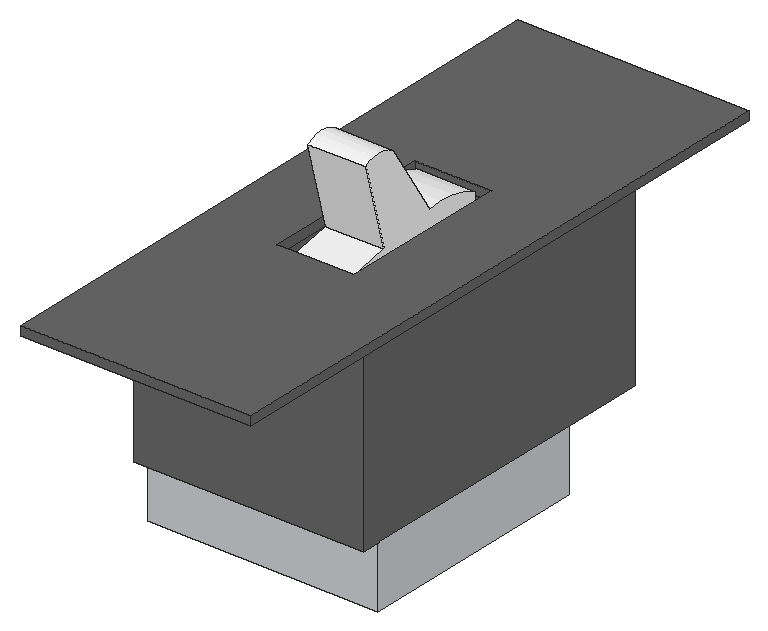
Revit family "Switch_Toggle_Leviton_Toggle-Lev-Lok", category Electrical Fixtures, Revit 2026
Family settings
  Round Connector Dimension = Use Diameter
  Part Type = Normal
  Work Plane-Based = Yes
  Always vertical = No
  Cut with Voids When Loaded = No
  Maintain Annotation Orientation = No
  Shared = No
  Room Calculation Point = No
Parameters
  offset [instance] = 0' - 0"
  Warranty Duration (Years) = 0
  Voltage_MEP = 0 V
  Unit Width = 0' - 1 1/2"
  Unit Height = 0' - 4 15/256"
  Unit Depth = 0' - 1 9/64"
  URL = "http://www.leviton.com/OA_HTML/Home.jsp?minisite=10251&respid=22372"
  Termination = "as Specified"
  Switch Height = 0' - 1"
  Standards Conformance = "as Specified"
  Specification = ""
  SpecWizard = ""
  Send Message = "http://www.arcat.com/users.pl?action=UserEmail&company=Leviton+Mfg.+Co.,+Inc.&coid=41690&rep=117&fax=631-812-6252&mf="
  Screw Mounts Location = 0' - 3 9/32"
  Sales Information = "http://www.leviton.com/OA_HTML/SectionDisplay.jsp?section=37579&minisite=10251"
  Revision = "R1_10-2012"
  Projection From Host = 0' - 0 161/256"
  Product Properties = ""
  Product Data = "http://arcat.com/arcatcos/cos41/arc41690.html?isac=1&r=1"
  Number of Poles = 1
  Model = "As Specified"
  Maximum Amperage = 0
  Manufacturer Website = "http://www.leviton.com/OA_HTML/Home.jsp?minisite=10251&respid=22372"
  Manufacturer Phone - Toll Free = "800-323-8920"
  Manufacturer Phone = ""
  Manufacturer Fax = "631-812-6252"
  Manufacturer Address = "201 N. Service Rd. Melville, NY 11747"
  Manufacturer = "Leviton Mfg. Co., Inc."
  Maintenance Schedule (Months) = 0
  MEP Apparent Power = 0 VA
  MEP Amperage = 0 A
  LevLok Wiring Module Type [instance] = LevLokWiringModule : MSPSW-SD
  Grounding = "as Specified"
  Backing Color = Thermoplastic - Leviton - Black
  Keynote = "16140"
  Installation-Fabrication = ""
  Installation Phase = "Electrical Wiring"
  HP Rating = "as Specified"
  Green Building-LEED = ""
  Fixture Material = Thermoplastic - Leviton - White
  Fixture Grade = "as Specified"
  Fixture Application = "as Specified"
  Expected Lifespan (Years) = 0
  Drawn By = "Sumex Design, Inc. / Robert S. Weygant, CSI, CDT, SCIP"
  Description = "Leviton Product as Specified"
  Default Elevation = 4' - 0"
  Copyright = "©Arcat Inc."
  Construction Details = ""
  Fixture Height = 0' - 2 27/128"
  Assembly Code = "D5020100"
  Acceptable Loads = "as Specified"
Reference planes (in)
  plane 1 "Center (Front/Back)": y = 0
  plane 2 "Bottom": z = 0
  plane 3 "Center (Left/Right)": x = 0
  plane 4 "Front": y = -2.0293
  plane 5 "Back": y = 2.0293
  plane 6 "Left": x = -0.75
  plane 7 "Right": x = 0.75
  plane 8 "Top": z = 0.62891
  plane 9: z = -1.14062
  plane 10: y = 0.5
  plane 11: y = -0.5
  plane 12: z = 0.45352
  plane 13: y = 1.10547
  plane 14: y = -1.10547
  plane 15: y = 1.64062
  plane 16: y = -1.64063
Forms (in)
  Extrusion 1, solid, material "Thermoplastic - Leviton - Black" <- "Backing Color"
    sketch origin (0, 0, 0) x (1, 0, 0) y (0, 1, 0)
      loop
        line (-0.75, 2.0293) -> (-0.75, -2.0293) -> (0.75, -2.0293) -> (0.75, 2.0293) -> (-0.75, 2.0293)
    from 0 to 0.0625
  Extrusion 2, solid, material "Thermoplastic - Leviton - Black" <- "Backing Color"
    sketch origin (0, 0, 0) x (1, 0, 0) y (0, 1, 0)
      loop
        line (-0.75, 1.10547) -> (-0.75, -1.10547) -> (0.75, -1.10547) -> (0.75, 1.10547) -> (-0.75, 1.10547)
    from 0 to -1.14062
  Extrusion 3, solid, material "Thermoplastic - Leviton - White" <- "Fixture Material"
    sketch origin (0, 0, 0) x (0, 1, 0) y (0, 0, 1)
      loop
        line (-0.24082, 0.05117) -> (-0.5, 0) -> (0.5, 0) -> (0.5, 0.0625)
        arc (0.5, 0.0625) -> (0.32175, 0.11934) -> (0.1347, 0.11601) r 0.57552
        line (0.1347, 0.11601) -> (-0.1633, 0.5929)
        arc (-0.1633, 0.5929) -> (-0.2746, 0.62897) -> (-0.3863, 0.59414) r 0.19309
        line (-0.3863, 0.59414) -> (-0.24082, 0.05117)
    from 0.1875 to -0.1875
  Extrusion 4, void
    sketch origin (0, 0, 0) x (1, 0, 0) y (0, 1, 0)
      loop
        line (-0.25, 0.5625) -> (-0.25, -0.5625) -> (0.25, -0.5625) -> (0.25, 0.5625) -> (-0.25, 0.5625)
    from 0.0625 to -0.13804
Cuts and joins
  Extrusion 4 cuts Extrusion 1
  Extrusion 4 cuts Extrusion 2
Dimensions and locks (in)
  equal spacing: plane 6 "Left", plane 3 "Center (Left/Right)", plane 7 "Right"
  "Unit Width": plane 6 "Left" to plane 7 "Right"
  equal spacing: plane 5 "Back", plane 1 "Center (Front/Back)", plane 4 "Front"
  "Unit Height": plane 5 "Back" to plane 4 "Front"
  "Projection From Host": plane 8 "Top" to level
  "Unit Depth": level to plane 9
  equal spacing: plane 10, plane 1 "Center (Front/Back)", plane 11
  "Switch Height": plane 10 to plane 11
  locked: plane 12 to plane 8 "Top" at 0.17539
  equal spacing: plane 13, plane 1 "Center (Front/Back)", plane 14
  "Fixture Height": plane 13 to plane 14
  equal spacing: plane 15, plane 1 "Center (Front/Back)", plane 16
  "Screw Mounts Location": plane 15 to plane 16
  aligned and locked: plane 6 "Left" to Extrusion 1 sketch curve
  aligned and locked: Extrusion 1 sketch curve to plane 5 "Back"
  aligned and locked: plane 4 "Front" to Extrusion 1 sketch curve
  aligned and locked: Extrusion 1 sketch curve to plane 7 "Right"
  aligned and locked: plane 6 "Left" to Extrusion 2 sketch curve
  aligned and locked: Extrusion 2 sketch curve to plane 13
  aligned and locked: plane 14 to Extrusion 2 sketch curve
  aligned and locked: Extrusion 2 sketch curve to plane 7 "Right"
  aligned and locked: Extrusion 2 to plane 9
  aligned and locked: level to Extrusion 2
Automatic sketch dimensions
  Extrusion 3 sketch curve to level = 0' - 0"
  Extrusion 3 sketch curve to plane 11 = 0' - 0"
  Extrusion 3 sketch curve to plane 10 = 0' - 0"
  Extrusion 3 sketch curve to plane 8 "Top" = 0' - 0.03477"
  plane 11 to Extrusion 3 sketch curve = 0' - 0.1137"
  plane 12 to Extrusion 3 sketch curve = 0' - 0.01764"
  Extrusion 3 sketch curve to Extrusion 3 sketch curve = 0' - 0.11062"
  level to Extrusion 3 sketch curve = 0' - 0.05117"
  plane 1 "Center (Front/Back)" to Extrusion 3 sketch curve = 0' - 0.24082"
  Extrusion 3 sketch curve to plane 8 "Top" = 0' - 0.03601"
  Extrusion 3 sketch curve to plane 1 "Center (Front/Back)" = 0' - 0.1347"
  Extrusion 3 sketch curve to plane 1 "Center (Front/Back)" = 0' - 0.23835"
  Extrusion 3 sketch curve to level = 0' - 0.4501"
  Extrusion 3 sketch curve to Extrusion 3 sketch curve = 0' - 0 1/16"
  Extrusion 4 sketch curve to plane 11 = 0' - 0 1/16"
  Extrusion 4 sketch curve to plane 3 "Center (Left/Right)" = 0' - 0 1/4"
  plane 10 to Extrusion 4 sketch curve = 0' - 0 1/16"
  plane 3 "Center (Left/Right)" to Extrusion 4 sketch curve = 0' - 0 1/4"
Nested families (in)
  nested 1: "LevLokWiringModule" at (0, -0.2113, -1.14063) x (1, 0, 0) z (0, 0, -1), type <- "LevLok Wiring Module Type", type "MSPSW-SD"
    with offset 0' - 0"
Connectors (in)
  electrical at (0, 0, 0)
    settings: index 1, voltage 0 V, apparent load 0 VA, apparent load phase1 0 VA, apparent load phase2 0 VA, apparent load phase3 0 VA, power factor 1, load classification "Other", number of poles 1, system type 31, power factor state 1, is connector primary yes, connector utility no, sub classification motor no, connector description ""
Definition of nested family "LevLokWiringModule"
  Parameters
    offset [instance] = 0' - 0"
    Warranty Duration (Years) = 0
    Voltage_MEP = 0 V
    Unit Width = 0' - 1 1/2"
    Unit Height = 0' - 1 141/256"
    Unit Depth = 0' - 0 51/128"
    URL = "http://www.leviton.com/OA_HTML/Home.jsp?minisite=10251&respid=22372"
    Termination = "as Specified"
    Specification = ""
    SpecWizard = ""
    Send Message = "http://www.arcat.com/users.pl?action=UserEmail&company=Leviton+Mfg.+Co.,+Inc.&coid=41690&rep=117&fax=631-812-6252&mf="
    Sales Information = "http://www.leviton.com/OA_HTML/SectionDisplay.jsp?section=37579&minisite=10251"
    Revision = "R1_10-2012"
    Product Properties = ""
    Product Data = "http://arcat.com/arcatcos/cos41/arc41690.html?isac=1&r=1"
    Number of Poles = 1
    Model = "As Specified"
    Manufacturer Website = "http://www.leviton.com/OA_HTML/Home.jsp?minisite=10251&respid=22372"
    Manufacturer Phone - Toll Free = "800-323-8920"
    Manufacturer Phone = ""
    Manufacturer Fax = "631-812-6252"
    Manufacturer Address = "201 N. Service Rd. Melville, NY 11747"
    Manufacturer = "Leviton Mfg. Co., Inc."
    Maintenance Schedule (Months) = 0
    MEP Apparent Power = 0 VA
    MEP Amperage = 0 A
    Keynote = "16140"
    Installation-Fabrication = ""
    Installation Phase = "Electrical Wiring"
    Grounding = "as Specified"
    Green Building-LEED = ""
    Expected Lifespan (Years) = 0
    Drawn By = "Sumex Design, Inc. / Robert S. Weygant, CSI, CDT, SCIP"
    Description = "Leviton Product as Specified"
    Default Elevation = 4' - 0"
    Copyright = "©Arcat Inc."
    Construction Details = ""
    Assembly Code = "D5020100"
  Reference planes (in)
    plane 1 "Center (Front/Back)": y = 0
    plane 2 "Bottom": z = 0
    plane 3 "Center (Left/Right)": x = 0
    plane 4 "Front": y = -0.77539
    plane 5 "Back": y = 0.77539
    plane 6 "Left": x = -0.75
    plane 7 "Right": x = 0.75
    plane 8 "Top": z = 0.39844
  Forms (in)
    Extrusion 1, solid
      sketch origin (0, 0, 0) x (1, 0, 0) y (0, 1, 0)
        loop
          line (-0.75, 0.77539) -> (-0.75, -0.77539) -> (0.75, -0.77539) -> (0.75, 0.77539) -> (-0.75, 0.77539)
      from 0 to 0.39844
  Dimensions and locks (in)
    equal spacing: plane 6 "Left", plane 3 "Center (Left/Right)", plane 7 "Right"
    "Unit Width": plane 6 "Left" to plane 7 "Right"
    equal spacing: plane 5 "Back", plane 1 "Center (Front/Back)", plane 4 "Front"
    "Unit Height": plane 5 "Back" to plane 4 "Front"
    "Unit Depth": plane 8 "Top" to level
    aligned and locked: plane 6 "Left" to Extrusion 1 sketch curve
    aligned and locked: Extrusion 1 sketch curve to plane 5 "Back"
    aligned and locked: plane 4 "Front" to Extrusion 1 sketch curve
    aligned and locked: Extrusion 1 sketch curve to plane 7 "Right"
    aligned and locked: plane 8 "Top" to Extrusion 1
